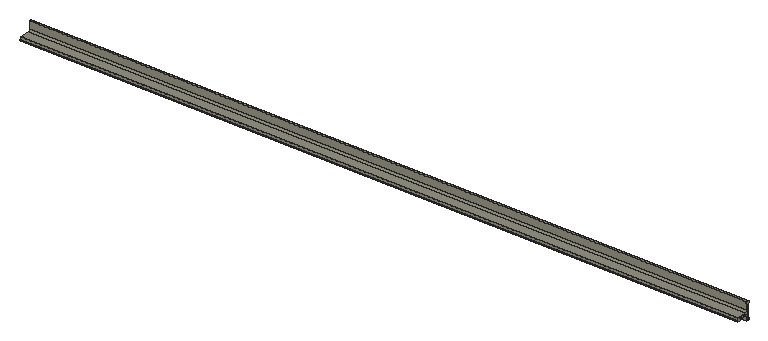
Revit family "Construction_Roof-Accessories_Alpine-SnowGuards_SnowMax-Bar", category Specialty Equipment, Revit 2019
Family settings
  Round Connector Dimension = Use Diameter
  Part Type = Normal
  Work Plane-Based = No
  Always vertical = Yes
  Cut with Voids When Loaded = No
  Shared = No
  Room Calculation Point = No
Parameters (values of type "Lite Bar")
  URL = "https://www.alpinesnowguards.com/pipe-style-accessories-page?utm_source=bimobject&utm_medium=productlisting&utm_campaign=2022marketing"
  Product data url = "https://www.bimobject.com/alpine-snowguards/product/pipe-style-snow-guard-accessories"
  Product Material [instance] = Alpine SnowGuards - Aluminium - Mill Finish
  Product Guid = "61fc9796-3cde-4d78-8ab7-833e68d74063"
  Model = "Lite Bar"  # constant formula
  Manufacturer = "Alpine SnowGuards"  # constant formula
  Length = 96"
  Keynote = "07720"
  Edition number = 1
  Description = "SnowMax-Bar for all SnowMax bracket systems."  # constant formula
  Assembly Code = "B3010"
Reference planes (in)
  plane 1 "Center (Front/Back)": y = 0
  plane 2: z = 0
  plane 3 "Center (Left/Right)": x = 0
  plane 4: z = 0.0625
  plane 5: y = 1.90625
  plane 6: y = -1.90625
  plane 7: z = 2.0625
  plane 8: x = -48
  plane 9: x = 48
Forms (in)
  Extrusion 1, solid, material "Alpine SnowGuards - Aluminium - Mill Finish" <- "Product Material", detail levels fine
    sketch origin (0, 5.02568, -0.67611) x (0, -1, 0) y (0, 0, -1)
      loop
        line (4.87413, -2.73861) -> (4.78661, -2.61361)
        arc (4.78661, -2.61361) -> (4.60341, -2.64274) -> (4.42022, -2.61361) r 0.5907
        line (4.42022, -2.61361) -> (4.54991, -2.73861) -> (3.23251, -2.73861) -> (3.23251, -2.04971) -> (3.05693, -2.04971) -> (3.05693, -2.29971) -> (3.11943, -2.29971) -> (3.11943, -2.16514) -> (3.17433, -2.16514) -> (3.17433, -4.18427) -> (3.11943, -4.18427) -> (3.11943, -4.04971) -> (3.05693, -4.04971) -> (3.05693, -4.29971) -> (3.23251, -4.29971) -> (3.23251, -3.31786)
        arc (3.23251, -3.31786) -> (3.30574, -3.14109) -> (3.48251, -3.06786) r 0.25
        line (3.48251, -3.06786) -> (4.72307, -3.06786) -> (4.79788, -3.09062) -> (4.79788, -2.73861) -> (4.87413, -2.73861)
      loop
        line (4.72307, -3.00536) -> (4.72307, -2.80111) -> (3.23251, -2.80111) -> (3.23251, -3.00536) -> (4.72307, -3.00536)
    from -48 to 48
  Extrusion 2, solid, material "Alpine SnowGuards - Aluminium - Mill Finish" <- "Product Material", detail levels medium
    sketch origin (0, 0, 0) x (0, 1, 0) y (0, 0, 1)
      loop
        line (0.2278, 2.0625) -> (1.79316, 2.0625) -> (1.79316, 1.37359) -> (1.96875, 1.37359) -> (1.96875, 1.62359) -> (1.90625, 1.62359) -> (1.90625, 1.48903) -> (1.85134, 1.48903) -> (1.85134, 3.50816) -> (1.90625, 3.50816) -> (1.90625, 3.37359) -> (1.96875, 3.37359) -> (1.96875, 3.62359) -> (1.79316, 3.62359) -> (1.79316, 2.64175)
        arc (1.79316, 2.64175) -> (1.71994, 2.46497) -> (1.54316, 2.39175) r 0.25
        line (1.54316, 2.39175) -> (0.3026, 2.39175) -> (0.2278, 2.41451) -> (0.2278, 2.0625)
    from -48 to 48
  Extrusion 3, solid, material "Alpine SnowGuards - Aluminium - Mill Finish" <- "Product Material", detail levels coarse
    sketch origin (0, 0, 0) x (0, 1, 0) y (0, 0, 1)
      loop
        line (0.2278, 2.0625) -> (1.79316, 2.0625) -> (1.79316, 1.37359) -> (1.96875, 1.37359) -> (1.96875, 1.62359) -> (1.90625, 1.62359) -> (1.90625, 1.48903) -> (1.85134, 1.48903) -> (1.85134, 3.50816) -> (1.90625, 3.50816) -> (1.90625, 3.37359) -> (1.96875, 3.37359) -> (1.96875, 3.62359) -> (1.79316, 3.62359) -> (1.79316, 2.39175) -> (0.2278, 2.39175) -> (0.2278, 2.0625)
    from -48 to 48
  Extrusion 4, solid, material "Alpine SnowGuards - Aluminium - Mill Finish" <- "Product Material"
    sketch origin (0, 0, 0) x (0, 1, 0) y (0, 0, 1)
      loop
        line (1.85134, 1.48903) -> (1.90625, 1.48903) -> (1.90625, 3.50816) -> (1.85134, 3.50816) -> (1.85134, 1.48903)
    from -48 to 48
Dimensions and locks (in)
  equal spacing: plane 5, plane 1 "Center (Front/Back)", plane 6
  locked: plane 5 to plane 6 at 3.8125
  locked: plane 4 to level at 0.0625
  locked: Extrusion 1 sketch curve to plane 6 at 3.875
  locked: Extrusion 2 sketch curve to plane 6 at 3.875
  locked: Extrusion 3 sketch curve to plane 6 at 3.875
  equal spacing: plane 8, plane 3 "Center (Left/Right)", plane 9
  "Length": plane 8 to plane 9
  Extrusion 4 sketch curve to Extrusion 4 sketch curve = 2.01913"
  locked: Extrusion 4 sketch curve to Extrusion 4 sketch curve at 0.05491
  locked: Extrusion 1 sketch curve to plane 4 at 3.56109
  locked: Extrusion 2 sketch curve to plane 4 at 3.56109
  locked: Extrusion 1 sketch curve to plane 4 at 1.31109
  Extrusion 3 sketch curve to plane 4 = 1.31109"
  locked: Extrusion 2 sketch curve to plane 4 at 1.31109
  locked: Extrusion 3 sketch curve to Extrusion 3 sketch curve at 2.25
  locked: Extrusion 3 sketch curve to Extrusion 3 sketch curve at 2.01913
  locked: Extrusion 3 sketch curve to Extrusion 3 sketch curve at 0.25
  Extrusion 3 sketch curve to Extrusion 3 sketch curve = 1/4"
  locked: level to Extrusion 4 sketch curve at 1.48903
  locked: Extrusion 3 sketch curve to Extrusion 3 sketch curve at 0.32925
  locked: plane 7 to level at 2.0625
  aligned and locked: level to plane 2
  aligned and locked: plane 5 to Extrusion 1 sketch curve
  aligned and locked: Extrusion 1 sketch curve to plane 5
  aligned and locked: Extrusion 3 to plane 8
  aligned and locked: Extrusion 3 to plane 9
  aligned and locked: Extrusion 2 to plane 9
  aligned and locked: Extrusion 1 to plane 9
  aligned and locked: Extrusion 1 to plane 8
  aligned and locked: Extrusion 2 to plane 8
  aligned and locked: plane 5 to Extrusion 4 sketch curve
  aligned and locked: Extrusion 4 to plane 8
  aligned and locked: Extrusion 4 to plane 9
Automatic sketch dimensions
  Extrusion 1 sketch curve to plane 7 = 0"  (x2)
  Extrusion 1 sketch curve to Extrusion 1 sketch curve = 1/16"  (x3)
  Extrusion 1 sketch curve to plane 5 = 0.05491"
  Extrusion 1 sketch curve to Extrusion 1 sketch curve = 0.05818"  (x2)
  Extrusion 1 sketch curve to plane 5 = 0.11309"
  Extrusion 1 sketch curve to Extrusion 1 sketch curve = 1/4"  (x2)
  plane 7 to Extrusion 1 sketch curve = 1/8"  (x2)
  plane 1 "Center (Front/Back)" to Extrusion 1 sketch curve = 155/256"
  Extrusion 1 sketch curve to Extrusion 1 sketch curve = 0.12969"
  plane 1 "Center (Front/Back)" to Extrusion 1 sketch curve = 0.42227"
  plane 1 "Center (Front/Back)" to Extrusion 1 sketch curve = 0.3026"
  Extrusion 1 sketch curve to Extrusion 1 sketch curve = 0"
  Extrusion 1 sketch curve to Extrusion 1 sketch curve = 0.07481"
  Extrusion 1 sketch curve to Extrusion 1 sketch curve = 0.07625"
  Extrusion 1 sketch curve to Extrusion 1 sketch curve = 0.56157"
  Extrusion 1 sketch curve to Extrusion 1 sketch curve = 0.11543"
  Extrusion 1 sketch curve to Extrusion 1 sketch curve = 0.13457"  (x2)
  Extrusion 1 sketch curve to Extrusion 1 sketch curve = 0.20425"
  Extrusion 1 sketch curve to Extrusion 1 sketch curve = 0.02276"
  Extrusion 2 sketch curve to plane 7 = 0"
  Extrusion 2 sketch curve to plane 5 = 0"  (x2)
  plane 5 to Extrusion 2 sketch curve = 0.05491"
  plane 5 to Extrusion 2 sketch curve = 0.11309"
  Extrusion 2 sketch curve to Extrusion 2 sketch curve = 0.05818"
  Extrusion 2 sketch curve to Extrusion 2 sketch curve = 1/4"  (x2)
  Extrusion 2 sketch curve to plane 1 "Center (Front/Back)" = 0.3026"
  Extrusion 2 sketch curve to plane 1 "Center (Front/Back)" = 0.2278"
  Extrusion 2 sketch curve to Extrusion 2 sketch curve = 1/16"
  Extrusion 2 sketch curve to Extrusion 2 sketch curve = 0.11543"
  Extrusion 2 sketch curve to Extrusion 2 sketch curve = 0.13457"  (x2)
  plane 7 to Extrusion 2 sketch curve = 0.32925"
  Extrusion 2 sketch curve to Extrusion 2 sketch curve = 0.02276"
  Extrusion 3 sketch curve to plane 5 = 0"  (x2)
  plane 5 to Extrusion 3 sketch curve = 0.05491"
  Extrusion 3 sketch curve to Extrusion 3 sketch curve = 0.05818"  (x2)
  Extrusion 3 sketch curve to plane 1 "Center (Front/Back)" = 0.2278"
  Extrusion 3 sketch curve to plane 5 = 1/16"
  Extrusion 3 sketch curve to Extrusion 3 sketch curve = 0.13457"
  Extrusion 3 sketch curve to plane 7 = 0"
